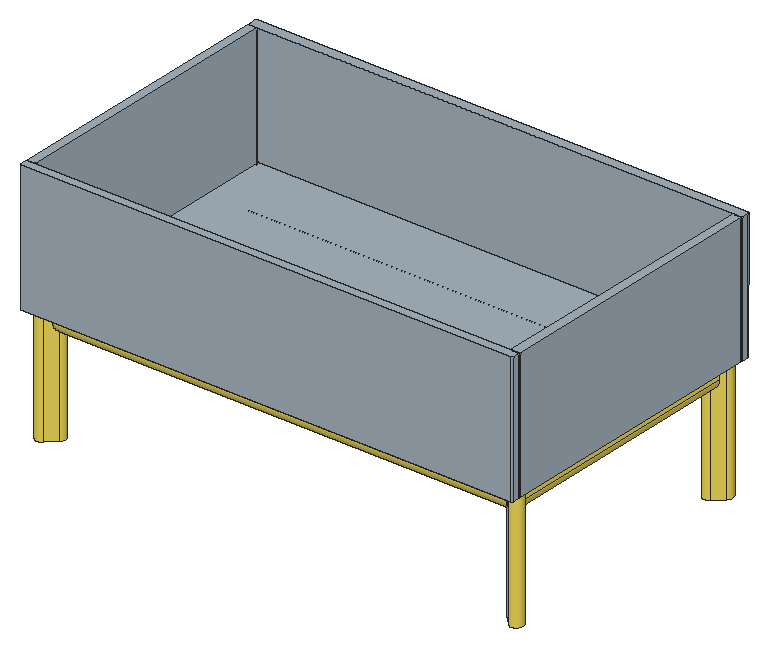
Revit family "DBLTD_TheSenatorGroup_OffcStrg_Play_Planter_US", category Furniture, Revit 2018
Family settings
  Work Plane-Based = No
  Always vertical = Yes
  Cut with Voids When Loaded = No
  Shared = Yes
  Room Calculation Point = No
Parameters (values of type "Planter with Stand Alone Base 30"(w) x 18"(d) x 15"(h)")
  WarrantyStartDate [instance] = "1900-12-31T23:59:59"
  WarrantyGuarantorParts = "15"
  WarrantyGuarantorLabor = "15"
  WarrantyDurationUnit = "Years"
  WarrantyDurationParts = "15"
  WarrantyDurationLabor = "15"
  WarrantyDescription = "Senator warrants that its manufactured products are free from manufacturing defects - in materials or workmanship - for a period of ten (10) years on Senator Seating ranges; and fifteen (15) years on Senator Desking ranges"
  Version = "1"  # constant formula
  Uniclass2015Version = "Products v1.9"
  Uniclass2015Title = "Office storage units"
  Uniclass2015Code = "Pr_40_30_78_57"
  URL = "https://www.thesenatorgroup.com/"
  Type Comments = ""
  TagNumber [instance] = "n/a"
  SustainabilityPerformance = "n/a"
  Style = "n/a"
  Size = "L 18\" x  W 30\" x  H 16\""
  Shape = "n/a"
  SerialNumber [instance] = "n/a"
  Revision = "n/a"
  ReplacementCost = "n/a"
  ProductInformation = "https://www.thesenatorgroup.com/"
  PanelMaterial [instance] = TheSenatorGroup_Play_MFC_Denim
  OmniClassVersion = "Table 22 2012-05-16"
  OmniClassTitle = "Storage"
  OmniClassCode = "22-12 51 19"
  NominalWidth = 30"
  NominalLength = 30"
  NominalHeight = 15.16"
  NominalDepth = 18"
  Name = "TheSenatorGroup_OfficeStorage_Play_Planter"
  NBSReference = "45-35-80/360"
  NBSDescription = "Office storage"
  NBSCertification = ""
  ModelReference = "30\"(w) x 18\"(d) x 16\"(h)"
  ModelNumber = "PYPP30 + PYP3018"
  Model = ModelNumber  # "PYPP30 + PYP3018"
  Material = "Metal, MFC"
  ManufacturerURL = "https://www.thesenatorgroup.com/"
  ManufacturerName = "The Senator Group"
  Manufacturer = "The Senator Group"
  MainColor = "n/a"
  Keynote = "Pr_40_50_21_60"
  InstallationDate [instance] = "1900-12-31T23:59:59"
  IfcExportType = "STORAGE"  # constant formula
  IfcExportAs = "IfcFurnitureType"  # constant formula
  Grade = "n/a"
  FramesColour = "Black, White, Totally Orange, Traffic Yellow, Anthracite, Pistachio"
  FrameSupports = "n/a"
  Finish = "HD Highland Oak, BH Beech, MP Maple, WH White, AT Autumn. WK Winter Oak, SO Strata Oak, MC Mocha, HW Hacienda White, DN Denim, LY Clay, LS Lemon Sorbet, LG Light Grey, CW Carini Walnut"
  Features = "n/a"
  ExpectedLife = "n/a"
  DurationUnit = "year"
  DimensionsPlanSize = "30\" x 18\""
  DimensionsHeight = "16\""
  Description = "Stand Alone Base 30\" x 18\" Planter"
  Cost = 0
  Constituents = "n/a"
  Color = "n/a"
  CodePerformance = "n/a"
  Category = "Pr_40_30_78_57:Office storage units"
  BaseType = NESTED_DBLTD_TheSenatorGroup_OffcStrg_Play_Base : Stand Alone
  BaseFinishMaterial [instance] = TheSenatorGroup_Play_MetalFrame_TrafficYellow
  BarCode [instance] = "n/a"
  BIMObjectName = "TheSenatorGroup_OfficeStorage_Play_Planter"
  Author = "Diane Butterworth Ltd"  # constant formula
  AssetType = "Movable"
  AssetIdentifier [instance] = "n/a"
  AccessibilityPerformance = "n/a"
Types (4): name | ModelNumber | Model | Description | BaseType
  Planter with Starter Base 30"(w) x 18"(d) x 15"(h) | "PYPP30 + PYP3018S" | "PYPP30 + PYP3018S" | "Starter Base 30\" x 18\" Planter" | NESTED_DBLTD_TheSenatorGroup_OffcStrg_Play_Base : Starter
  Planter with Add on Mid Base 30"(w) x 18"(d) x 15"(h) | "PYPP30 + PYP3018MA" | "PYPP30 + PYP3018MA" | "Add on Mid Base 30\" x 18\" Planter" | NESTED_DBLTD_TheSenatorGroup_OffcStrg_Play_Base : Mid
  Planter with Add on End Base 30"(w) x 18"(d) x 15"(h) | "PYPP30 + PYP3018EA" | "PYPP30 + PYP3018EA" | "Add on End Base 30\" x 18\" Planter" | NESTED_DBLTD_TheSenatorGroup_OffcStrg_Play_Base : End
  Planter with Stand Alone Base 30"(w) x 18"(d) x 15"(h) | "PYPP30 + PYP3018" | "PYPP30 + PYP3018" | "Stand Alone Base 30\" x 18\" Planter" | NESTED_DBLTD_TheSenatorGroup_OffcStrg_Play_Base : Stand Alone
Reference planes (in)
  plane 1 "Center Front/Back": y = 0
  plane 2: z = 0
  plane 3 "Center (Left/Right)": x = 0
  plane 4 "Edge1": x = -15
  plane 5 "Edge3": x = 15
  plane 6 "Edge2": y = 9
  plane 7 "Edge4": y = -9
  plane 8: z = 15.16
Forms (in)
  Extrusion 1, solid, material "TheSenatorGroup_Play_MFC_Denim" <- "PanelMaterial"
    sketch origin (0, 0, 7.28346) x (-1, 0, 0) y (0, -1, 0)
      loop
        arc (14.92126, -9) -> (14.97694, -8.97694) -> (15, -8.92126) r 0.07874
        line (15, -8.92126) -> (15, -8.52756)
        arc (15, -8.52756) -> (14.97673, -8.47138) -> (14.92055, -8.44811) r 0.07945
        line (14.92055, -8.44811) -> (-14.92041, -8.44811)
        arc (-14.92041, -8.44811) -> (-14.97669, -8.47142) -> (-15, -8.5277) r 0.07959
        line (-15, -8.5277) -> (-15, -8.92126)
        arc (-15, -8.92126) -> (-14.97694, -8.97694) -> (-14.92126, -9) r 0.07874
        line (-14.92126, -9) -> (14.92126, -9)
    from 0 to 7.87654
  Extrusion 2, solid, material "TheSenatorGroup_Play_MFC_Denim" <- "PanelMaterial"
    sketch origin (-7.57874, -7.57874, 7.28346) x (0, 1, 0) y (-1, 0, 0)
      loop
        line (15.94811, 7.42126) -> (-0.79063, 7.42126)
        arc (-0.79063, 7.42126) -> (-0.84631, 7.3982) -> (-0.86937, 7.34252) r 0.07874
        line (-0.86937, 7.34252) -> (-0.86937, 6.94896)
        arc (-0.86937, 6.94896) -> (-0.84606, 6.89268) -> (-0.78979, 6.86937) r 0.07959
        line (-0.78979, 6.86937) -> (15.94741, 6.86937)
        arc (15.94741, 6.86937) -> (16.00358, 6.89264) -> (16.02685, 6.94882) r 0.07945
        line (16.02685, 6.94882) -> (16.02685, 7.34252)
        arc (16.02685, 7.34252) -> (16.00379, 7.3982) -> (15.94811, 7.42126) r 0.07874
    from 0 to 7.87402
  Extrusion 3, solid, material "TheSenatorGroup_Play_MFC_Denim" <- "PanelMaterial"
    sketch origin (-15.15748, 0, 7.28346) x (1, 0, 0) y (0, 1, 0)
      loop
        arc (30.07874, -9) -> (30.13442, -8.97694) -> (30.15748, -8.92126) r 0.07874
        line (30.15748, -8.92126) -> (30.15748, -8.52756)
        arc (30.15748, -8.52756) -> (30.13421, -8.47138) -> (30.07803, -8.44811) r 0.07945
        line (30.07803, -8.44811) -> (0.23707, -8.44811)
        arc (0.23707, -8.44811) -> (0.18079, -8.47142) -> (0.15748, -8.5277) r 0.07959
        line (0.15748, -8.5277) -> (0.15748, -8.92126)
        arc (0.15748, -8.92126) -> (0.18054, -8.97694) -> (0.23622, -9) r 0.07874
        line (0.23622, -9) -> (30.07874, -9)
    from 0 to 7.87402
  Extrusion 4, solid, material "TheSenatorGroup_Play_MFC_Denim" <- "PanelMaterial"
    sketch origin (7.57945, 22.73693, 7.28346) x (0, -1, 0) y (1, 0, 0)
      loop
        line (31.1063, 7.42126) -> (14.36755, 7.42126)
        arc (14.36755, 7.42126) -> (14.31188, 7.3982) -> (14.28881, 7.34252) r 0.07874
        line (14.28881, 7.34252) -> (14.28881, 6.94896)
        arc (14.28881, 6.94896) -> (14.31212, 6.89268) -> (14.3684, 6.86937) r 0.07959
        line (14.3684, 6.86937) -> (31.10559, 6.86937)
        arc (31.10559, 6.86937) -> (31.16177, 6.89264) -> (31.18504, 6.94882) r 0.07945
        line (31.18504, 6.94882) -> (31.18504, 7.34252)
        arc (31.18504, 7.34252) -> (31.16198, 7.3982) -> (31.1063, 7.42126) r 0.07874
    from 0 to 7.87402
  Extrusion 5, solid, material "TheSenatorGroup_Play_MFC_Denim" <- "PanelMaterial"
    sketch origin (0, 0, 7.28346) x (-1, 0, 0) y (0, -1, 0)
      loop
        line (14.44882, -8.44811) -> (14.44882, 8.44811) -> (-14.44882, 8.44811) -> (-14.44882, -8.44811) -> (14.44882, -8.44811)
    from 0 to 0.55118
Dimensions and locks (in)
  equal spacing: plane 4 "Edge1", plane 3 "Center (Left/Right)", plane 5 "Edge3"
  "NominalLength": plane 4 "Edge1" to plane 5 "Edge3"
  equal spacing: plane 7 "Edge4", plane 1 "Center Front/Back", plane 6 "Edge2"
  "NominalDepth": plane 6 "Edge2" to plane 7 "Edge4"
  "NominalHeight": plane 8 to level
  locked: Extrusion 2 to Extrusion 2 at 0.55189
  locked: Extrusion 1 to plane 6 "Edge2" at 0.55189
  locked: Extrusion 3 to plane 7 "Edge4" at 0.55189
  locked: Extrusion 4 to plane 5 "Edge3" at 0.55118
  aligned and locked: level to plane 2
  aligned and locked: plane 8 to Extrusion 1
Automatic sketch dimensions
  Extrusion 1 sketch curve to plane 5 "Edge3" = 0"
  plane 6 "Edge2" to Extrusion 1 sketch curve = 0"
  Extrusion 1 sketch curve to plane 4 "Edge1" = 0"
  Extrusion 1 sketch curve to plane 5 "Edge3" = 0.07874"
  Extrusion 1 sketch curve to plane 5 "Edge3" = 0.07959"
  plane 4 "Edge1" to Extrusion 1 sketch curve = 0.07945"
  plane 4 "Edge1" to Extrusion 1 sketch curve = 0.07874"
  Extrusion 2 sketch curve to plane 4 "Edge1" = 0"
  Extrusion 3 sketch curve to plane 4 "Edge1" = 0"
  Extrusion 3 sketch curve to plane 7 "Edge4" = 0"
  Extrusion 3 sketch curve to plane 5 "Edge3" = 0"
  plane 4 "Edge1" to Extrusion 3 sketch curve = 0.07874"
  plane 4 "Edge1" to Extrusion 3 sketch curve = 0.07959"
  Extrusion 3 sketch curve to plane 5 "Edge3" = 0.07945"
  Extrusion 3 sketch curve to plane 5 "Edge3" = 0.07874"
  plane 6 "Edge2" to Extrusion 4 sketch curve = 0.55189"
  plane 5 "Edge3" to Extrusion 4 sketch curve = 0.00071"
  Extrusion 4 sketch curve to Extrusion 4 sketch curve = 0.07874"
  plane 7 "Edge4" to Extrusion 4 sketch curve = 0.63133"
  plane 7 "Edge4" to Extrusion 4 sketch curve = 0.63063"
  plane 7 "Edge4" to Extrusion 4 sketch curve = 0.55189"
  Extrusion 4 sketch curve to Extrusion 4 sketch curve = 0.39356"
  Extrusion 5 sketch curve to plane 5 "Edge3" = 0.55118"
  Extrusion 2 sketch curve to Extrusion 2 sketch curve = 0.39356"
  plane 4 "Edge1" to Extrusion 5 sketch curve = 0.55118"
  Extrusion 1 sketch curve to Extrusion 1 sketch curve = 0.39356"
  plane 6 "Edge2" to Extrusion 2 sketch curve = 0.63133"
  Extrusion 2 sketch curve to Extrusion 2 sketch curve = 0.00071"
  plane 4 "Edge1" to Extrusion 2 sketch curve = 0.07874"  (x2)
  Extrusion 4 sketch curve to Extrusion 4 sketch curve = 0.07959"
  plane 6 "Edge2" to Extrusion 5 sketch curve = 0.55189"
  plane 7 "Edge4" to Extrusion 2 sketch curve = 0.63147"
  Extrusion 2 sketch curve to Extrusion 2 sketch curve = 0.00085"
  Extrusion 3 sketch curve to Extrusion 3 sketch curve = 0.39356"
  plane 7 "Edge4" to Extrusion 5 sketch curve = 0.55189"
Nested families (in)
  nested 1: "NESTED_DBLTD_TheSenatorGroup_OffcStrg_Play_Base" at (0, 0, 0), type <- "BaseType", BaseFinishMaterial <- "BaseFinishMaterial", type "Stand Alone"
    with BaseFinishMaterial TheSenatorGroup_Play_MetalFrame_TrafficYellow
Definition of nested family "NESTED_DBLTD_TheSenatorGroup_OffcStrg_Play_Base"
  Parameters (values of type "Starter")
    URL = "https://www.thesenatorgroup.com/"
    StarterLeg = yes
    RightBar = 0"
    NominalLength = 30"  # constant formula
    NominalHeight = 7.28346"
    NominalDepth = 17.32283"
    Model = ""
    MidLeg = yes
    Manufacturer = "The Senator Group"
    LeftBar = 1.1811"
    Keynote = ""
    EndLeg = no
    Description = ""
    Cost = 0
    BaseFinishMaterial [instance] = none
  Types (4): name | StarterLeg | RightBar | MidLeg | LeftBar | EndLeg
    Starter | yes | 0" | yes | 1.1811" | no
    Mid | no | 0" | yes | 0" | no
    End | no | 1.1811" | no | 0" | yes
    Stand Alone | yes | 1.1811" | no | 1.1811" | yes
  Reference planes (in)
    plane 1 "Center Front/Back": y = 0
    plane 2: z = 0
    plane 3 "Center (Left/Right)": x = 0
    plane 4: z = 7.28346
    plane 5 "Edge1": x = -15
    plane 6 "Edge3": x = 15
    plane 7 "Edge2": y = 8.66142
    plane 8 "Edge4": y = -8.66142
    plane 9: x = 15
    plane 10: x = -13.8189
    plane 11: y = -7.48031
    plane 12: y = 7.48031
    plane 13 "Edge23": x = 9.09449
  Forms (in)
    Extrusion 1, solid, material <- "BaseFinishMaterial", visible <- "StarterLeg"
      sketch origin (1.81102, 0, 7.28346) x (-1, 0, 0) y (0, -1, 0)
        loop
          line (16.51854, -7.69405) -> (15.96176, -7.13728)
          arc (15.96176, -7.13728) -> (15.40499, -7.13728) -> (15.40499, -7.69406) r 0.3937
          line (15.40499, -7.69406) -> (15.96177, -8.25083)
          arc (15.96177, -8.25083) -> (16.51854, -8.25083) -> (16.51854, -7.69405) r 0.3937
      from 0 to -7.28346
    Extrusion 2, solid, material <- "BaseFinishMaterial", visible <- "StarterLeg"
      sketch origin (1.81102, 0, 7.28346) x (-1, 0, 0) y (0, -1, 0)
        loop
          arc (16.51854, 7.69405) -> (16.51854, 8.25083) -> (15.96177, 8.25083) r 0.3937
          line (15.96177, 8.25083) -> (15.40499, 7.69406)
          arc (15.40499, 7.69406) -> (15.40499, 7.13728) -> (15.96176, 7.13728) r 0.3937
          line (15.96176, 7.13728) -> (16.51854, 7.69405)
      from 0 to -7.28346
    Extrusion 3, solid, material <- "BaseFinishMaterial"
      sketch origin (3.93701, 3.93701, 0) x (0, -1, 0) y (0, 0, -1)
        loop
          arc (10.68898, -7.16535) -> (10.72357, -7.24887) -> (10.80709, -7.28346) r 0.11811
          line (10.80709, -7.28346) -> (11.79134, -7.28346)
          arc (11.79134, -7.28346) -> (11.87485, -7.24887) -> (11.90945, -7.16535) r 0.11811
          line (11.90945, -7.16535) -> (11.90945, -6.49606)
          arc (11.90945, -6.49606) -> (11.29921, -5.88583) -> (10.68898, -6.49606) r 0.61024
          line (10.68898, -6.49606) -> (10.68898, -7.16535)
      from -17.75591 to 11.06299
    Extrusion 4, solid, material <- "BaseFinishMaterial", visible <- "StarterLeg"
      sketch origin (2.30315, 0, 0) x (-1, 0, 0) y (0, 0, -1)
        loop
          arc (15.51181, -7.16535) -> (15.54641, -7.24887) -> (15.62992, -7.28346) r 0.11811
          line (15.62992, -7.28346) -> (16.61417, -7.28346)
          arc (16.61417, -7.28346) -> (16.69769, -7.24887) -> (16.73228, -7.16535) r 0.11811
          line (16.73228, -7.16535) -> (16.73228, -6.49606)
          arc (16.73228, -6.49606) -> (16.12205, -5.88583) -> (15.51181, -6.49606) r 0.61024
          line (15.51181, -6.49606) -> (15.51181, -7.16535)
      from -7.48031 to 7.48031
    Extrusion 5, solid, material <- "BaseFinishMaterial"
      sketch origin (3.93701, -3.93701, 0) x (0, 1, 0) y (0, 0, 1)
        loop
          line (10.68898, 7.16535) -> (10.68898, 6.49606)
          arc (10.68898, 6.49606) -> (11.29921, 5.88583) -> (11.90945, 6.49606) r 0.61024
          line (11.90945, 6.49606) -> (11.90945, 7.16535)
          arc (11.90945, 7.16535) -> (11.87485, 7.24887) -> (11.79134, 7.28346) r 0.11811
          line (11.79134, 7.28346) -> (10.80709, 7.28346)
          arc (10.80709, 7.28346) -> (10.72357, 7.24887) -> (10.68898, 7.16535) r 0.11811
      from -17.75591 to 11.06299
    Extrusion 6, solid, material <- "BaseFinishMaterial", visible <- "MidLeg"
      sketch origin (14.10548, -8.31328, 7.28346) x (-0.707107, 0.707107, 0) y (-0.707107, -0.707107, 0)
        loop
          line (15.33744, -7.69405) -> (14.78066, -7.13728)
          arc (14.78066, -7.13728) -> (14.22388, -7.13728) -> (14.22388, -7.69406) r 0.3937
          line (14.22388, -7.69406) -> (14.78066, -8.25083)
          arc (14.78066, -8.25083) -> (15.33744, -8.25083) -> (15.33744, -7.69405) r 0.3937
      from 0 to -7.28346
    Extrusion 7, solid, material <- "BaseFinishMaterial", visible <- "MidLeg"
      sketch origin (14.10548, 8.31328, 7.28346) x (-0.707107, -0.707107, 0) y (0.707107, -0.707107, 0)
        loop
          arc (15.33744, 7.69405) -> (15.33744, 8.25083) -> (14.78066, 8.25083) r 0.3937
          line (14.78066, 8.25083) -> (14.22388, 7.69406)
          arc (14.22388, 7.69406) -> (14.22388, 7.13728) -> (14.78066, 7.13728) r 0.3937
          line (14.78066, 7.13728) -> (15.33744, 7.69405)
      from 0 to -7.28346
    Extrusion 8, solid, material <- "BaseFinishMaterial", visible <- "MidLeg", not visible
      sketch origin (15.34564, -8.31328, 7.28346) x (-0.707107, 0.707107, 0) y (-0.707107, -0.707107, 0)
        loop
          line (15.33744, -7.69405) -> (14.78066, -7.13728)
          arc (14.78066, -7.13728) -> (14.22388, -7.13728) -> (14.22388, -7.69406) r 0.3937
          line (14.22388, -7.69406) -> (14.78066, -8.25083)
          arc (14.78066, -8.25083) -> (15.33744, -8.25083) -> (15.33744, -7.69405) r 0.3937
      from 0 to -7.28346
    Extrusion 9, solid, material <- "BaseFinishMaterial", visible <- "MidLeg", not visible
      sketch origin (15.34564, 8.31328, 7.28346) x (-0.707107, -0.707107, 0) y (0.707107, -0.707107, 0)
        loop
          arc (15.33744, 7.69405) -> (15.33744, 8.25083) -> (14.78066, 8.25083) r 0.3937
          line (14.78066, 8.25083) -> (14.22388, 7.69406)
          arc (14.22388, 7.69406) -> (14.22388, 7.13728) -> (14.78066, 7.13728) r 0.3937
          line (14.78066, 7.13728) -> (15.33744, 7.69405)
      from 0 to -7.28346
    Extrusion 10, solid, material <- "BaseFinishMaterial", visible <- "MidLeg"
      sketch origin (24.03543, 0, 0) x (-1, 0, 0) y (0, 0, -1)
        loop
          arc (14.33071, -7.16535) -> (14.3653, -7.24887) -> (14.44882, -7.28346) r 0.11811
          line (14.44882, -7.28346) -> (15.43307, -7.28346)
          arc (15.43307, -7.28346) -> (15.51659, -7.24887) -> (15.55118, -7.16535) r 0.11811
          line (15.55118, -7.16535) -> (15.55118, -6.49606)
          arc (15.55118, -6.49606) -> (14.94095, -5.88583) -> (14.33071, -6.49606) r 0.61024
          line (14.33071, -6.49606) -> (14.33071, -7.16535)
      from -7.48031 to 7.48031
    Extrusion 11, solid, material <- "BaseFinishMaterial", visible <- "MidLeg", not visible
      sketch origin (25.27559, 0, 0) x (-1, 0, 0) y (0, 0, -1)
        loop
          arc (14.33071, -7.16535) -> (14.3653, -7.24887) -> (14.44882, -7.28346) r 0.11811
          line (14.44882, -7.28346) -> (15.43307, -7.28346)
          arc (15.43307, -7.28346) -> (15.51659, -7.24887) -> (15.55118, -7.16535) r 0.11811
          line (15.55118, -7.16535) -> (15.55118, -6.49606)
          arc (15.55118, -6.49606) -> (14.94095, -5.88583) -> (14.33071, -6.49606) r 0.61024
          line (14.33071, -6.49606) -> (14.33071, -7.16535)
      from -7.48031 to 7.48031
    Extrusion 12, solid, material <- "BaseFinishMaterial", visible <- "StarterLeg", not visible
      sketch origin (-0.49213, 0, 7.28346) x (-1, 0, 0) y (0, -1, 0)
        loop
          line (16.51854, -7.69405) -> (15.96176, -7.13728)
          arc (15.96176, -7.13728) -> (15.40499, -7.13728) -> (15.40499, -7.69406) r 0.3937
          line (15.40499, -7.69406) -> (15.96177, -8.25083)
          arc (15.96177, -8.25083) -> (16.51854, -8.25083) -> (16.51854, -7.69405) r 0.3937
      from 0 to -7.28346
    Extrusion 13, solid, material <- "BaseFinishMaterial", visible <- "StarterLeg", not visible
      sketch origin (-0.49213, 0, 7.28346) x (-1, 0, 0) y (0, -1, 0)
        loop
          arc (16.51854, 7.69405) -> (16.51854, 8.25083) -> (15.96177, 8.25083) r 0.3937
          line (15.96177, 8.25083) -> (15.40499, 7.69406)
          arc (15.40499, 7.69406) -> (15.40499, 7.13728) -> (15.96176, 7.13728) r 0.3937
          line (15.96176, 7.13728) -> (16.51854, 7.69405)
      from 0 to -7.28346
    Extrusion 14, solid, material <- "BaseFinishMaterial", visible <- "StarterLeg", not visible
      sketch origin (0, 0, 0) x (-1, 0, 0) y (0, 0, -1)
        loop
          arc (15.51181, -7.16535) -> (15.54641, -7.24887) -> (15.62992, -7.28346) r 0.11811
          line (15.62992, -7.28346) -> (16.61417, -7.28346)
          arc (16.61417, -7.28346) -> (16.69769, -7.24887) -> (16.73228, -7.16535) r 0.11811
          line (16.73228, -7.16535) -> (16.73228, -6.49606)
          arc (16.73228, -6.49606) -> (16.12205, -5.88583) -> (15.51181, -6.49606) r 0.61024
          line (15.51181, -6.49606) -> (15.51181, -7.16535)
      from -7.48031 to 7.48031
    Extrusion 15, solid, material <- "BaseFinishMaterial", visible <- "EndLeg"
      sketch origin (-1.81102, 0, 7.28346) x (1, 0, 0) y (0, 1, 0)
        loop
          arc (16.51854, 7.69405) -> (16.51854, 8.25083) -> (15.96177, 8.25083) r 0.3937
          line (15.96177, 8.25083) -> (15.40499, 7.69406)
          arc (15.40499, 7.69406) -> (15.40499, 7.13728) -> (15.96176, 7.13728) r 0.3937
          line (15.96176, 7.13728) -> (16.51854, 7.69405)
      from 0 to -7.28346
    Extrusion 16, solid, material <- "BaseFinishMaterial", visible <- "EndLeg"
      sketch origin (-1.81102, 0, 7.28346) x (1, 0, 0) y (0, 1, 0)
        loop
          line (16.51854, -7.69405) -> (15.96176, -7.13728)
          arc (15.96176, -7.13728) -> (15.40499, -7.13728) -> (15.40499, -7.69406) r 0.3937
          line (15.40499, -7.69406) -> (15.96177, -8.25083)
          arc (15.96177, -8.25083) -> (16.51854, -8.25083) -> (16.51854, -7.69405) r 0.3937
      from 0 to -7.28346
    Extrusion 17, solid, material <- "BaseFinishMaterial", visible <- "EndLeg"
      sketch origin (-2.30315, 0, 0) x (1, 0, 0) y (0, 0, -1)
        loop
          arc (15.51181, -7.16535) -> (15.54641, -7.24887) -> (15.62992, -7.28346) r 0.11811
          line (15.62992, -7.28346) -> (16.61417, -7.28346)
          arc (16.61417, -7.28346) -> (16.69769, -7.24887) -> (16.73228, -7.16535) r 0.11811
          line (16.73228, -7.16535) -> (16.73228, -6.49606)
          arc (16.73228, -6.49606) -> (16.12205, -5.88583) -> (15.51181, -6.49606) r 0.61024
          line (15.51181, -6.49606) -> (15.51181, -7.16535)
      from -7.48031 to 7.48031
    Extrusion 18, solid, material <- "BaseFinishMaterial", visible <- "EndLeg", not visible
      sketch origin (-1.81102, 0, 7.28346) x (1, 0, 0) y (0, 1, 0)
        loop
          line (-15.19964, 7.69405) -> (-14.64287, 7.13728)
          arc (-14.64287, 7.13728) -> (-14.08609, 7.13728) -> (-14.08609, 7.69406) r 0.3937
          line (-14.08609, 7.69406) -> (-14.64287, 8.25083)
          arc (-14.64287, 8.25083) -> (-15.19965, 8.25083) -> (-15.19964, 7.69405) r 0.3937
      from 0 to -7.28346
    Extrusion 19, solid, material <- "BaseFinishMaterial", visible <- "EndLeg", not visible
      sketch origin (-1.81102, 0, 7.28346) x (1, 0, 0) y (0, 1, 0)
        loop
          arc (-15.19964, -7.69405) -> (-15.19965, -8.25083) -> (-14.64287, -8.25083) r 0.3937
          line (-14.64287, -8.25083) -> (-14.08609, -7.69406)
          arc (-14.08609, -7.69406) -> (-14.08609, -7.13728) -> (-14.64287, -7.13728) r 0.3937
          line (-14.64287, -7.13728) -> (-15.19964, -7.69405)
      from 0 to -7.28346
    Extrusion 20, solid, material <- "BaseFinishMaterial", visible <- "EndLeg", not visible
      sketch origin (-2.30315, 0, 0) x (1, 0, 0) y (0, 0, -1)
        loop
          line (-13.20866, -7.16535) -> (-13.20866, -6.49606)
          arc (-13.20866, -6.49606) -> (-13.8189, -5.88583) -> (-14.42913, -6.49606) r 0.61024
          line (-14.42913, -6.49606) -> (-14.42913, -7.16535)
          arc (-14.42913, -7.16535) -> (-14.39454, -7.24887) -> (-14.31102, -7.28346) r 0.11811
          line (-14.31102, -7.28346) -> (-13.32677, -7.28346)
          arc (-13.32677, -7.28346) -> (-13.24326, -7.24887) -> (-13.20866, -7.16535) r 0.11811
      from -7.48031 to 7.48031
  Dimensions and locks (in)
    equal spacing: plane 5 "Edge1", plane 3 "Center (Left/Right)", plane 6 "Edge3"
    "NominalLength": plane 5 "Edge1" to plane 6 "Edge3"
    equal spacing: plane 8 "Edge4", plane 1 "Center Front/Back", plane 7 "Edge2"
    "NominalDepth": plane 7 "Edge2" to plane 8 "Edge4"
    "RightBar": plane 9 to plane 6 "Edge3"
    "LeftBar": plane 5 "Edge1" to plane 10
    locked: plane 11 to plane 8 "Edge4" at 1.1811
    locked: plane 12 to plane 7 "Edge2" at 1.1811
    "NominalHeight": plane 4 to level
    locked: plane 13 "Edge23" to plane 6 "Edge3" at 5.90551
    locked: plane 5 "Edge1" to Extrusion 1 at 0.96457
    locked: Extrusion 15 to plane 6 "Edge3" at 0.96457
    aligned and locked: level to plane 2
    aligned and locked: plane 4 to Extrusion 1
    aligned and locked: plane 10 to Extrusion 3
    aligned and locked: Extrusion 4 to plane 11
    aligned and locked: Extrusion 4 to plane 12
    aligned and locked: plane 10 to Extrusion 5
    aligned and locked: Extrusion 2 to Extrusion 1
    aligned and locked: plane 4 to Extrusion 2
    aligned and locked: plane 9 to Extrusion 3
    aligned and locked: plane 9 to Extrusion 5
    aligned and locked: Extrusion 16 to Extrusion 15
  Automatic sketch dimensions
    Extrusion 6 sketch curve to Extrusion 6 sketch curve = 0.27839"  (x7)
    Extrusion 6 sketch curve to Extrusion 6 sketch curve = 0.55678"
    Extrusion 7 sketch curve to Extrusion 7 sketch curve = 0.27839"  (x6)
    Extrusion 7 sketch curve to Extrusion 7 sketch curve = 0.55678"
    Extrusion 7 sketch curve to Extrusion 7 sketch curve = 0.00001"
    Extrusion 8 sketch curve to Extrusion 8 sketch curve = 0.27839"  (x7)
    Extrusion 8 sketch curve to Extrusion 8 sketch curve = 0.55678"
    Extrusion 9 sketch curve to Extrusion 9 sketch curve = 0.27839"  (x6)
    Extrusion 9 sketch curve to Extrusion 9 sketch curve = 0.55678"
    Extrusion 9 sketch curve to Extrusion 9 sketch curve = 0.00001"
    Extrusion 1 sketch curve to Extrusion 1 sketch curve = 0.27839"  (x6)
    Extrusion 2 sketch curve to Extrusion 2 sketch curve = 0.27839"  (x6)
    Extrusion 3 sketch curve to plane 4 = 0"
    Extrusion 3 sketch curve to plane 4 = 0.11811"  (x2)
    plane 11 to Extrusion 3 sketch curve = 0.72835"
    plane 11 to Extrusion 3 sketch curve = 0.11811"
    Extrusion 3 sketch curve to plane 4 = 0.7874"
    Extrusion 4 sketch curve to Extrusion 4 sketch curve = 0.66929"
    Extrusion 5 sketch curve to plane 4 = 0"
    Extrusion 5 sketch curve to plane 4 = 0.11811"  (x2)
    plane 12 to Extrusion 5 sketch curve = 0.72835"
    plane 12 to Extrusion 5 sketch curve = 0.11811"
    Extrusion 5 sketch curve to Extrusion 5 sketch curve = 0.66929"
    Extrusion 10 sketch curve to Extrusion 10 sketch curve = 0.61024"
    Extrusion 10 sketch curve to Extrusion 10 sketch curve = 0.66929"
    Extrusion 10 sketch curve to Extrusion 10 sketch curve = 0.11811"  (x2)
    Extrusion 1 sketch curve to Extrusion 1 sketch curve = 0.55678"
    Extrusion 1 sketch curve to Extrusion 1 sketch curve = 0.55677"
    Extrusion 2 sketch curve to Extrusion 2 sketch curve = 0.55678"
    Extrusion 2 sketch curve to Extrusion 2 sketch curve = 0.55677"
    Extrusion 4 sketch curve to Extrusion 4 sketch curve = 0.11811"  (x2)
    Extrusion 4 sketch curve to Extrusion 4 sketch curve = 0.61024"
    Extrusion 12 sketch curve to Extrusion 12 sketch curve = 0.27839"  (x6)
    Extrusion 13 sketch curve to Extrusion 13 sketch curve = 0.27839"  (x6)
    Extrusion 14 sketch curve to Extrusion 14 sketch curve = 0.66929"
    Extrusion 12 sketch curve to Extrusion 12 sketch curve = 0.55678"
    Extrusion 12 sketch curve to Extrusion 12 sketch curve = 0.55677"
    Extrusion 13 sketch curve to Extrusion 13 sketch curve = 0.55678"
    Extrusion 13 sketch curve to Extrusion 13 sketch curve = 0.55677"
    Extrusion 14 sketch curve to Extrusion 14 sketch curve = 0.11811"  (x2)
    Extrusion 14 sketch curve to Extrusion 14 sketch curve = 0.61024"
    Extrusion 15 sketch curve to Extrusion 15 sketch curve = 0.27839"  (x6)
    Extrusion 16 sketch curve to Extrusion 16 sketch curve = 0.27839"  (x6)
    Extrusion 17 sketch curve to Extrusion 17 sketch curve = 0.66929"
    Extrusion 15 sketch curve to Extrusion 15 sketch curve = 0.55678"
    Extrusion 15 sketch curve to Extrusion 15 sketch curve = 0.55677"
    Extrusion 16 sketch curve to Extrusion 16 sketch curve = 0.55678"
    Extrusion 16 sketch curve to Extrusion 16 sketch curve = 0.55677"
    Extrusion 17 sketch curve to Extrusion 17 sketch curve = 0.11811"  (x2)
    Extrusion 17 sketch curve to Extrusion 17 sketch curve = 0.61024"
    Extrusion 18 sketch curve to Extrusion 18 sketch curve = 0.27839"  (x6)
    Extrusion 19 sketch curve to Extrusion 19 sketch curve = 0.27839"  (x6)
    Extrusion 20 sketch curve to Extrusion 20 sketch curve = 0.66929"
    Extrusion 18 sketch curve to Extrusion 18 sketch curve = 0.55678"
    Extrusion 18 sketch curve to Extrusion 18 sketch curve = 0.55677"
    Extrusion 19 sketch curve to Extrusion 19 sketch curve = 0.55678"
    Extrusion 19 sketch curve to Extrusion 19 sketch curve = 0.55677"
    Extrusion 20 sketch curve to Extrusion 20 sketch curve = 0.11811"  (x2)
    Extrusion 20 sketch curve to Extrusion 20 sketch curve = 0.61024"
